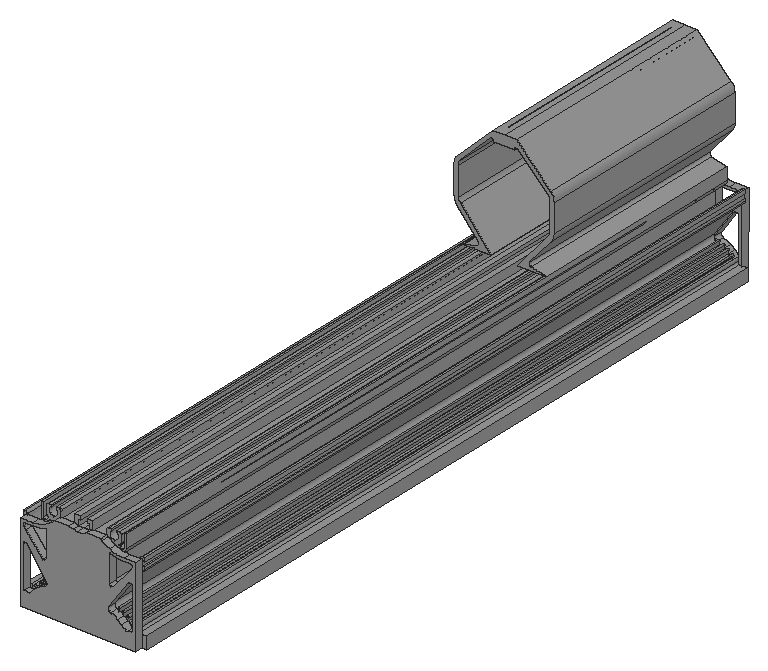
Revit family "L-street 24 Standart", category Осветительные приборы, Revit 2017 (continued)
Types (7, lengths in mm): name | built-in parameter 1150134 | Файл фотометрической сетки | built-in parameter 1150105 | Lumens | built-in parameter 1150106 | built-in parameter 1150142 | Wattage | built-in parameter 1150107 | Артикул
    95.5 180.5 162.1 139.5 116 95.4 81.2 71.4 64.5 58.7 52.6 47.6 44.1 42 40.5 39.4 38.3 37.2 35.9 34.6 33.2 31.7 30.3 28.8 27.5 26.4 25.5 24.9 24.6 24.5 24.4 24.3 24.2 23.9 23.2 22.2 20.9 19.6 18.3 17.1 15.9 14.7 13.7 12.8 11.8 10.8 9.9 8.8 7.8 6.7 5.7 4.6 3.5 2.8 2.5 2.2 2.1 1.9 1.9\r\n328.9 328.8 328 326.8 325.6 323.9 321.9 319.6 317 314.2 311.4 308.7 305.8 302.6 299 294.5 289.6 284.3 279.2 274.1 269.9 266.3 263.1 259.5 255.2 249.8 244 237.6 230.5 222.2 213.2 202.5 190.1 174.5 155.5 132.5 109.6 90.7 78 69.1 62.8 57 50.9 46.2 43.3 41.5 40.3 39.3 38.3 37.1 36 34.8 33.6 31.9 30.3 28.9 27.7 26.6 25.9 25.5 25.4 25.6 25.5 25.2 24.9 24.4 23.8 22.8 21.6 20.2 18.7 17.4 16.1 15 14.1 13.3 12.3 11.2 10.2 9 8 6.9 6 5.1 3.8 3 2.5 2.2 2.1 1.9 1.9\r\n328.9 328.9 328.2 327.1 325.7 324 322.1 319.8 317.3 314.4 311.6 308.9 305.9 302.7 299 294.5 289.5 284.1 278.8 273.5 269 265.2 261.9 258.1 253.6 248.1 242.1 235.5 228.2 219.8 210.5 199.7 186.9 170.9 151.6 128.7 106.5 88.7 77 68.5 62.4 56.6 50.7 46.1 43.2 41.6 40.4 39.5 38.4 37.3 36.1 35 33.7 32 30.4 29 27.9 27 26.4 26.2 26.3 26.2 25.7 25.3 24.9 24.5 23.9 23 21.7 20.3 18.8 17.4 16.1 15.1 14.2 13.3 12.2 11.2 10.1 8.9 7.8 6.6 5.5 4.6 3.7 3 2.6 2.2 2.1 1.9 1.9\r\n328.9 328.9 328.4 327.3 325.8 324.1 322.3 320 317.5 314.7 311.9 309.1 306.1 302.8 299 294.4 289.4 283.8 278.3 272.9 268.2 264.1 260.6 256.7 252 246.4 240.3 233.4 226 217.4 207.9 196.8 183.7 167.4 147.8 124.9 103.3 86.7 75.9 67.9 62 56.3 50.4 46 43.1 41.6 40.5 39.7 38.5 37.5 36.3 35.3 33.8 32.1 30.5 29.2 28.1 27.3 26.9 27 27.1 26.8 26 25.4 25 24.6 24 23.1 21.9 20.4 18.9 17.3 16.1 15.2 14.2 13.2 12.2 11.1 9.9 8.8 7.7 6.3 5 4.1 3.5 3 2.6 2.3 2.1 1.9 1.9\r\n328.9 328.8 328 326.9 325.4 323.7 321.8 319.4 316.9 314 311.2 308.4 305.4 302 298.2 293.5 288.4 282.7 277.2 271.7 267 263.1 259.6 255.6 250.7 244.9 238.7 231.9 224.4 215.9 206.4 195.2 181.8 165.1 144.9 121.7 100.3 84.5 74.4 66.8 61 55.1 49.4 45.3 42.7 41.4 40.3 39.4 38.3 37.2 36.1 35 33.4 31.6 30.1 28.9 27.8 27.2 27 27.1 27.1 26.6 25.8 25.2 24.9 24.6 23.9 23 21.8 20.3 18.7 17.2 15.9 14.9 14 13.1 12 11 9.7 8.5 7.3 6.1 4.7 4 3.4 2.9 2.5 2.2 2.1 2 1.9\r\n328.9 328.5 327.5 326.2 324.6 322.9 320.9 318.6 316 313 310.4 307.9 305.3 302.1 298.2 293.2 287.9 282 276.4 270.7 265.6 261.1 257.3 253.3 249.2 244.1 238.7 232.6 225.9 218.2 209.8 200.4 190.6 178.9 165.2 148.6 130 110.3 93 79.2 69.6 62.4 56.1 49.4 44.1 41.6 40.4 39.7 39 38.2 37.2 36.2 35.2 33.6 31.9 30.4 29.1 28.1 27.3 27 26.9 26.7 26.1 25.2 24.6 24.3 24 23.3 22.2 20.7 19.3 17.8 16.4 15 13.8 13 12.1 11.1 10.2 9.1 8 6.9 5.8 4.8 4.2 3.6 3.2 3 2.7 2.6 2.5\r\n328.9 328.4 327.3 326 324.3 322.5 320.5 318.1 315.4 312.5 309.9 307.4 304.6 301.3 297.2 292.3 287 281.2 275.6 270.1 265.1 260.7 256.8 252.8 248.4 243.2 237.7 231.4 224.4 216.4 207.8 198.1 187.8 175.4 161 143.6 124.8 105.8 89.4 76.7 67.7 60.5 54.2 47.9 43.5 41.4 40.3 39.7 39 38.1 37.2 36.1 35 33.4 31.7 30.3 29.1 28.1 27.4 27.1 27 26.7 26.1 25.3 24.8 24.4 23.9 23.2 22 20.5 19.1 17.7 16.3 14.9 13.9 13 12.1 11.1 10.1 9.1 8 6.9 5.8 4.9 4.3 3.7 3.3 3 2.8 2.6 2.5\r\n328.9 328.2 327.1 325.7 324 322.1 320 317.5 314.8 311.9 309.4 306.9 304 300.5 296.3 291.4 286.2 280.3 274.8 269.4 264.6 260.3 256.3 252.3 247.6 242.3 236.6 230.1 222.9 214.6 205.8 195.8 185 171.9 156.7 138.7 119.7 101.2 85.8 74.2 65.7 58.6 52.2 46.5 43 41.2 40.3 39.7 38.9 38 37.1 36 34.8 33.2 31.5 30.3 29.1 28.2 27.5 27.2 27 26.8 26.1 25.4 24.9 24.5 23.9 23 21.8 20.3 18.9 17.5 16.2 14.9 14 13 12.1 11.1 10.1 9.1 8.1 7 5.8 4.9 4.3 3.7 3.3 3 2.8 2.7 2.5\r\n328.9 328.3 327.3 325.8 324.2 322.3 320.3 317.9 315.2 312.4 309.7 307.2 304.5 301.2 297.2 292.4 287.2 281.6 276.1 270.8 266 261.5 257.7 253.7 249.3 244.2 238.6 232.2 225.2 217.1 208.5 199 188.7 176.4 162.1 145.1 126.5 107.5 90.8 77.6 68.4 61 54.5 48.3 44.1 41.7 40.5 39.7 39 38.2 37.2 36.1 35 33.6 32 30.6 29.3 28.3 27.4 26.9 26.7 26.4 26 25.4 24.9 24.6 24 23.3 22.1 20.7 19.2 17.7 16.4 15 14 13.1 12.2 11.2 10.2 9.2 8.2 7.2 6.2 5.3 4.7 3.9 3.3 2.9 2.7 2.5 2.4\r\n328.9 328.4 327.4 326 324.3 322.5 320.5 318.3 315.6 312.8 310 307.5 304.9 301.9 298 293.4 288.2 282.8 277.4 272.1 267.3 262.8 259.1 255.2 251.1 246.1 240.6 234.4 227.5 219.7 211.3 202.1 192.3 180.9 167.5 151.5 133.3 113.8 95.7 81 71.2 63.5 56.7 50.1 45.2 42.2 40.7 39.8 39.1 38.3 37.2 36.3 35.2 34 32.4 30.9 29.6 28.5 27.4 26.6 26.3 26.1 25.9 25.5 25 24.7 24.2 23.5 22.4 21 19.5 17.9 16.6 15.2 14.1 13.2 12.3 11.3 10.3 9.3 8.4 7.5 6.5 5.8 5 4.1 3.4 2.9 2.6 2.4 2.4\r\n328.9 328.5 327.5 326 324.4 322.6 320.7 318.6 316 313.3 310.5 308 305.6 302.7 299.2 294.9 290.1 285 279.8 274.6 269.8 265.3 261.5 257.8 253.8 249 243.7 237.7 231.2 223.7 215.6 206.5 196.9 185.9 173.2 157.7 140 120.3 101.3 85.2 74 65.7 58.7 51.9 46.6 43.1 41.1 39.9 39.1 38.3 37.2 36.2 35.1 33.9 32.4 31 29.5 28.3 27.2 26.3 25.7 25.4 25.1 24.8 24.6 24.4 24 23.2 22.1 20.8 19.3 17.9 16.5 15.2 13.9 12.9 11.9 11 10.1 9.3 8.6 7.8 6.7 5.8 5 4.1 3.3 2.9 2.6 2.5 2.4\r\n328.9 328.5 327.5 326.1 324.4 322.8 320.9 318.8 316.4 313.8 311 308.5 306.2 303.6 300.5 296.5 292.1 287.1 282.2 277.1 272.3 267.8 264 260.3 256.5 251.9 246.8 241.1 234.9 227.7 219.8 210.9 201.5 191 178.9 164 146.7 126.9 106.9 89.3 76.8 67.9 60.6 53.7 48 43.9 41.5 40 39.1 38.3 37.3 36.1 34.9 33.8 32.4 31.1 29.5 28.1 26.9 26 25 24.6 24.4 24.2 24.2 24.1 23.8 22.9 21.8 20.5 19.2 17.9 16.5 15.3 13.7 12.6 11.5 10.6 9.8 9.3 8.9 8.1 6.8 5.9 4.9 4.1 3.3 2.9 2.7 2.5 2.5\r\n328.9 328.4 327.3 326 324.3 322.6 320.8 318.7 316.4 313.8 311.2 308.8 306.7 304.2 301.3 297.6 293.4 288.7 283.9 279 274.4 270.1 266.3 262.8 259.2 254.8 249.9 244.4 238.4 231.5 223.8 215.2 206.2 196 184.4 170.1 153.6 134.3 114.3 95.5 81.4 71.2 63.5 56.4 50.4 45.7 42.6 40.7 39.6 38.6 37.6 36.3 35.1 33.8 32.4 31.1 29.6 28.3 27.1 26 25 24.3 23.8 23.4 23.2 22.9 22.6 22 21.2 20 18.8 17.4 16.1 15.1 14 13.1 12.3 11.5 10.5 9.7 8.9 8.1 6.9 5.8 4.6 3.9 3.2 2.9 2.8 2.6 2.5\r\n328.9 328.3 327.1 325.8 324.1 322.5 320.7 318.6 316.4 313.8 311.4 309.2 307.1 304.9 302.1 298.7 294.7 290.2 285.7 281 276.6 272.4 268.7 265.3 261.9 257.7 253.1 247.7 242 235.3 227.9 219.6 210.8 201 189.9 176.3 160.5 141.7 121.6 101.8 85.9 74.6 66.3 59.1 52.7 47.5 43.8 41.4 40 38.9 37.9 36.5 35.2 33.8 32.4 31 29.7 28.6 27.2 26.1 24.9 24 23.3 22.6 22.1 21.8 21.4 21.2 20.5 19.5 18.3 16.9 15.7 14.9 14.2 13.6 13.1 12.3 11.2 10 8.9 8.1 7 5.7 4.3 3.7 3.2 3 2.9 2.6 2.6\r\n328.9 328.3 327.2 325.9 324.3 322.7 320.9 319 316.9 314.4 312.1 310 308.1 306.1 303.7 300.8 297.1 292.9 288.6 284.1 279.9 275.8 272.2 268.8 265.6 261.8 257.7 252.8 247.5 241.3 234.6 226.9 218.6 209.2 199 186.4 171.7 154 134.3 113.6 95.5 81.3 71.5 63.4 56.6 50.7 46.2 43.1 41.1 39.6 38.4 36.9 35.4 33.9 32.5 31.1 29.7 28.5 27.4 26.2 25.1 24 23.2 22.3 21.7 21.2 20.8 20.3 19.7 18.9 17.9 16.7 15.8 15.2 14.7 14.4 13.9 13.3 12.3 11.3 10.2 8.7 6.7 5.4 4.3 3.7 3.2 3 2.9 2.7 2.7\r\n328.9 328.4 327.3 326 324.4 322.9 321.1 319.4 317.4 315 312.8 310.8 309.1 307.4 305.4 302.8 299.5 295.5 291.5 287.2 283.3 279.3 275.7 272.3 269.3 266 262.3 257.9 253 247.4 241.2 234.1 226.3 217.5 208 196.5 182.9 166.3 147.1 125.4 105 88.1 76.6 67.8 60.4 53.9 48.7 44.8 42.1 40.3 38.9 37.2 35.6 34.1 32.7 31.2 29.7 28.5 27.5 26.4 25.3 24.1 23.1 22 21.2 20.6 20.1 19.5 18.9 18.2 17.4 16.6 15.9 15.5 15.3 15.1 14.8 14.2 13.5 12.6 11.4 9.4 6.5 5.1 4.3 3.7 3.2 3.1 3 2.8 2.8\r\n328.9 328.3 327.3 326.1 324.5 323.1 321.5 319.9 318 315.9 313.8 311.8 310.2 308.7 307.1 304.9 302 298.5 294.9 291.1 287.4 283.8 280.3 277.1 274.1 271 267.8 263.9 259.6 254.7 249.2 243.1 236.3 228.6 220.2 209.9 197.9 183.1 166 145.9 125.1 104.9 88.8 76.6 67.5 59.9 53.7 48.7 45.1 42.3 40.2 38.2 36.2 34.5 33 31.5 30.1 28.7 27.5 26.3 25.2 24.1 23 21.9 21.1 20.5 20 19.5 18.9 18.2 17.3 16.6 16 15.7 15.4 15.1 14.9 14.4 13.5 12.1 10 8 6.1 4.8 4.1 3.6 3.2 3.1 2.9 2.8 2.7\r\n328.9 328.2 327.4 326.1 324.6 323.3 321.8 320.3 318.6 316.8 314.8 312.8 311.3 310.1 308.8 306.9 304.5 301.5 298.2 294.9 291.5 288.2 285 281.8 278.9 276.1 273.3 270 266.3 261.9 257.2 252 246.3 239.7 232.4 223.4 212.9 199.9 184.8 166.5 145.2 121.8 101 85.3 74.6 66 58.7 52.7 48 44.3 41.6 39.1 36.8 34.9 33.4 31.8 30.4 28.9 27.5 26.3 25.1 24.1 22.8 21.8 20.9 20.4 19.9 19.4 18.9 18.1 17.3 16.7 16.2 15.8 15.4 15.2 15 14.6 13.6 11.7 8.6 6.6 5.6 4.6 3.8 3.4 3.2 3 2.9 2.7 2.6\r\n328.9 328.3 327.4 326.2 324.8 323.4 322 320.6 319 317.4 315.6 313.9 312.5 311.5 310.4 308.9 306.9 304.4 301.6 298.6 295.6 292.6 289.8 286.9 284.2 281.5 279 276.2 273.3 269.9 266.1 262 257.3 251.7 245.1 237 227.8 216.7 204.1 188.6 170.2 148.3 126.2 105.7 89.6 77.4 68.1 60.4 54.4 49.5 45.8 42.4 39.3 36.7 34.7 32.8 31.2 29.8 28.4 27 25.7 24.5 23.2 22.1 21.1 20.5 19.9 19.4 18.9 18.2 17.5 16.7 16 15.5 15 14.6 14.2 13.4 11.8 9.7 7.6 6.3 5.3 4.5 3.8 3.6 3.4 3.2 3 3 2.8\r\n328.9 328.3 327.4 326.2 324.9 323.6 322.2 320.9 319.5 318 316.4 315 313.8 312.9 312.1 310.8 309.3 307.3 304.9 302.3 299.6 297 294.5 292 289.5 287 284.7 282.4 280.3 277.8 275.1 271.9 268.3 263.8 257.9 250.7 242.6 233.5 223.3 210.6 195.1 174.9 151.4 126.1 104.5 88.7 77.6 68.2 60.9 54.7 49.9 45.6 41.7 38.6 36 33.8 32 30.6 29.3 27.7 26.2 24.8 23.6 22.4 21.3 20.5 19.8 19.4 18.9 18.4 17.7 16.7 15.8 15.2 14.6 14 13.3 12.2 9.9 7.6 6.6 5.9 5 4.3 3.8 3.7 3.5 3.3 3.2 3.2 3\r\n328.9 328.3 327.4 326.3 325 323.7 322.5 321.2 320 318.6 317.3 316.1 315 314.2 313.4 312.5 311.4 309.9 307.9 305.7 303.4 301 298.8 296.6 294.4 292.1 289.9 288.1 286.4 284.6 282.4 279.7 276.6 272.6 267.4 261 253.8 245.6 236.3 224.9 211.2 193.4 172.2 147.7 123.9 103.1 87.6 76 67.4 60.2 54.5 49.3 44.7 41 37.8 35.2 33 31.4 30 28.5 27.2 25.8 24.4 23.1 21.8 20.9 20.1 19.4 18.7 18.1 17.5 16.5 15.5 14.7 13.9 13.1 11.9 10.4 8.7 7.1 6.1 5.4 4.6 4.1 3.7 3.6 3.4 3.2 3.2 3.1 3\r\n328.9 328.3 327.3 326.3 325 323.9 322.8 321.6 320.6 319.3 318.3 317.2 316.3 315.4 314.8 314.2 313.5 312.4 310.9 309.1 307.1 305 303.1 301.2 299.3 297.1 295.2 293.7 292.5 291.3 289.7 287.5 284.9 281.3 276.8 271.4 265 257.6 249.3 239.1 227.3 211.9 193 169.4 143.3 117.6 97.7 83.8 73.9 65.8 59 53 47.7 43.4 39.6 36.7 34.1 32.2 30.6 29.4 28.2 26.8 25.2 23.7 22.3 21.3 20.3 19.4 18.5 17.8 17.3 16.4 15.2 14.2 13.3 12.2 10.5 8.6 7.4 6.5 5.7 4.9 4.2 3.8 3.5 3.4 3.3 3.1 3.1 3 2.9\r\n328.9 328.3 327.4 326.4 325.2 324.1 323.1 322.1 321.2 320.1 319.3 318.4 317.7 317 316.6 316.2 315.9 315.2 314.4 313 311.5 309.9 308.3 306.8 305.2 303.5 302.1 300.8 299.7 298.6 297.2 295.3 292.9 289.7 285.7 281.1 276 270 263.3 255 245.6 233.5 218.8 200 177.9 153.4 130.2 109.4 92.8 80.1 70.9 63 56.2 50.5 45.6 41.7 38.3 35.6 33.4 31.6 29.9 28.4 26.9 25.3 23.8 22.3 21 19.8 18.6 17.6 16.7 15.6 14.5 13.5 12.3 10.9 9.4 8.1 7 6.3 5.4 4.7 4.1 3.8 3.5 3.4 3.3 3.2 3.1 3 2.8\r\n328.9 328.3 327.4 326.4 325.4 324.3 323.4 322.5 321.8 320.9 320.3 319.7 319.1 318.5 318.3 318.2 318.2 318.1 317.8 317 315.9 314.8 313.6 312.3 311.2 309.9 308.9 307.9 306.9 305.9 304.7 303.1 301 298.1 294.6 290.8 286.9 282.5 277.3 270.8 263.9 255.2 244.7 230.6 212.5 189.1 162.7 134.9 111.7 94.5 82.7 73 64.7 57.6 51.6 46.8 42.5 39.1 36.2 33.7 31.7 30.1 28.6 26.9 25.2 23.3 21.7 20.2 18.8 17.3 16.1 14.8 13.8 12.7 11.4 9.7 8.2 7.5 6.7 6 5.1 4.5 4 3.7 3.5 3.4 3.3 3.2 3 2.9 2.7\r\n328.9 328.3 327.5 326.5 325.6 324.6 323.8 323 322.4 321.8 321.3 320.8 320.5 320.2 320.1 320.1 320.3 320.4 320.5 320.3 319.8 319.2 318.4 317.6 316.8 316 315.3 314.6 313.6 312.5 311.3 309.7 308.1 306.1 303.8 301.2 298.2 294.8 290.9 286.1 280.7 273.9 265.8 255.1 241.4 223 201.1 175.6 150.5 127.1 107.9 92.1 79.9 70.7 62.9 56.5 51 46.3 42.3 38.9 35.9 33.5 31.4 29.3 27.4 25.4 23.4 21.5 19.6 17.9 16.4 14.9 13.5 12.2 10.7 9.2 8 7.3 6.5 5.8 5 4.4 4 3.7 3.5 3.4 3.2 3.1 3.1 2.9 2.7\r\n328.9 328.3 327.5 326.5 325.7 324.8 324.2 323.4 323 322.6 322.2 322 322 321.8 321.8 322 322.3 322.8 323.3 323.7 323.7 323.6 323.3 322.8 322.4 322 321.7 321.3 320.4 319.2 317.8 316.4 315.1 314.1 313 311.5 309.4 307.1 304.5 301.5 297.5 292.5 286.9 279.6 270.3 256.9 239.5 216.4 189.4 159.8 133 111.1 95.1 83.7 74.1 66.2 59.4 53.5 48.3 44 40.1 36.9 34.1 31.7 29.6 27.5 25.2 22.8 20.5 18.5 16.7 15 13.2 11.6 10 8.6 7.8 7.1 6.3 5.6 4.9 4.3 4 3.7 3.5 3.4 3.2 3.1 3.1 2.9 2.8\r\n328.9 328.3 327.5 326.7 325.9 325.2 324.5 323.9 323.6 323.4 323.2 323.2 323.3 323.4 323.6 323.9 324.4 325 325.8 326.6 327.2 327.7 328.1 328.2 328.3 328.2 328.2 328 327.5 326.6 325.7 324.7 323.8 322.9 322.2 321.6 320.8 319.8 318.3 316.3 313.8 310.2 306.1 300.8 294 284.6 272.4 256 236.1 212.2 187.5 162.7 139.2 118.7 101.4 88.7 78.9 70.9 63.7 57.4 51.7 46.9 42.7 39.2 36.1 33.2 30.4 27.8 25.1 22.3 19.4 16.8 14.5 12.4 10.5 8.9 7.9 7.1 6.3 5.6 4.9 4.5 4.1 3.9 3.6 3.5 3.3 3.1 3.1 3 2.8\r\n328.9 328.3 327.6 326.8 326.1 325.5 324.8 324.4 324.2 324.1 324.1 324.3 324.6 325 325.3 325.8 326.4 327.3 328.4 329.6 330.7 331.8 332.9 333.7 334.2 334.4 334.6 334.6 334.5 334.1 333.6 333 332.4 331.8 331.3 331.6 332.2 332.4 332.1 331.2 330 327.9 325.3 322 317.7 312.2 305.2 295.6 282.7 264.7 242.1 214.3 183.2 153.7 128.6 111.1 98.4 88.2 79 70.7 63.4 57 51.4 46.8 42.7 38.9 35.6 32.7 29.8 26.2 22.1 18.6 15.7 13.2 11.1 9.2 7.9 7.2 6.3 5.5 5 4.6 4.2 4 3.8 3.6 3.4 3.2 3.1 3 2.8\r\n328.9 328.3 327.6 326.9 326.3 325.7 325.2 324.9 324.8 324.9 325 325.4 326 326.6 327.2 327.9 328.7 329.8 331 332.6 334.1 335.5 337 338.3 339.4 340.2 341 341.5 341.9 341.9 341.8 341.8 341.8 341.7 341.7 342.2 343 343.7 344.4 345.1 345.4 345 343.8 342.1 339.5 336.2 332 326 317.8 306.3 291.8 272.9 250.1 225.3 199.7 176 153.2 132.7 115.4 102.1 91 81.4 73 66.1 60 54.7 49.9 45.4 40.9 37.4 33.4 27.5 20.8 15.8 12.1 9.5 8.1 7.3 6.3 5.6 5.1 4.7 4.4 4.1 3.9 3.7 3.5 3.3 3.1 3 2.7\r\n328.9 328.2 327.6 327 326.5 326 325.6 325.4 325.5 325.6 325.9 326.5 327.4 328.1 329.1 330 331 332.3 333.7 335.5 337.4 339.2 341.1 342.9 344.6 346.1 347.5 348.4 349.2 349.6 349.9 350.6 351.2 351.6 352.1 352.8 353.7 354.9 356.8 359 360.9 362.1 362.4 362.1 361.3 360.3 358.8 356.4 352.9 348 341.5 331.6 316.9 296.9 270.9 241 207.9 177.1 151.8 133.4 118.6 105.9 94.6 85.5 77.4 70.4 64.2 58.1 52 48.5 44.8 36.4 26 18.3 13.2 9.7 8.3 7.3 6.4 5.7 5.3 4.9 4.6 4.3 4.1 3.8 3.5 3.3 3.2 3 2.7\r\n328.9 328.3 327.7 327.2 326.8 326.4 326.2 326.3 326.5 326.9 327.5 328.4 329.4 330.3 331.5 332.7 334.1 335.7 337.3 339.3 341.4 343.4 345.5 347.5 349.5 351.4 353.2 354.6 355.8 356.9 357.9 359.1 360.2 361.2 362.3 363.5 364.9 366.5 368.5 370.5 372.5 374.4 376.3 378.1 379.5 380.6 381.1 380.8 379.8 377.7 374.3 368.4 359.1 345.9 327.7 304.5 276.1 244.7 213.5 184.8 160.1 139.8 123.9 110.7 99.4 89.4 80.7 71.9 63.8 57.1 47.7 34.1 23.6 16.2 11.8 9.4 8.2 7.2 6.4 5.9 5.4 5.1 4.8 4.4 4.1 3.9 3.6 3.4 3.3 2.9 2.6\r\n328.9 328.4 327.8 327.4 327 326.9 326.9 327.2 327.6 328.2 329.1 330.2 331.3 332.5 334 335.4 337.2 339 341 343.1 345.3 347.6 349.9 352 354.4 356.8 359 360.8 362.5 364.2 365.9 367.5 369.2 370.8 372.5 374.2 376.1 378 380.1 382 384 386.7 390.2 394.1 397.7 400.9 403.4 405.2 406.6 407.4 407 405.2 401.4 394.8 384.5 368.1 344.3 312.2 275.1 236.1 201.6 173.7 153.2 135.9 121.4 108.5 97.3 85.7 75.7 65.8 50.7 31.8 21.2 14.2 10.5 9.1 8.1 7.1 6.5 6 5.6 5.2 4.9 4.5 4.2 4 3.7 3.5 3.3 2.8 2.6\r\n328.9 328.4 328 327.6 327.4 327.3 327.5 327.8 328.4 329.1 330.1 331.2 332.5 333.9 335.4 337.2 339.2 341.2 343.4 345.6 347.9 350.2 352.5 354.9 357.5 360.1 362.7 365 367.3 369.6 372.1 374.5 376.9 379.4 381.9 384.5 387.2 389.9 392.3 394.5 396.5 399.1 402.4 406.4 411 415.7 420.8 426.1 431.7 436.7 440.9 444 445.9 446.2 443.7 437 425.2 407 383.2 354.1 322 286.4 250 212.6 180.4 154.2 132.7 112.6 94.8 76.3 53.5 33.6 22.7 15 11.3 9.9 8.7 7.7 7.1 6.6 6.1 5.7 5.4 4.9 4.6 4.3 4.1 3.9 3.6 3 2.6\r\n328.9 328.5 328.1 327.8 327.8 327.7 328 328.4 329.1 330 331.1 332.3 333.7 335.2 336.9 338.9 341.2 343.5 345.8 348.1 350.4 352.8 355.2 357.7 360.5 363.5 366.3 369.1 372 375.1 378.2 381.4 384.6 387.9 391.4 394.8 398.4 401.7 404.6 406.9 409 411.5 414.6 418.7 424.3 430.5 438.2 447.1 456.7 466 474.8 482.9 490.5 497.5 502.8 506 506 501.8 491.4 472.1 442.3 399.1 346.7 289.2 239.4 199.9 168.1 139.5 114 86.9 56.3 35.4 24.2 15.9 12.1 10.6 9.4 8.3 7.7 7.1 6.6 6.2 5.8 5.3 4.9 4.6 4.4 4.2 3.8 3.1 2.7\r\n328.9 328.5 328.2 328 328 328.1 328.4 329 329.8 330.8 331.9 333.2 334.6 336.2 338.1 340.3 342.7 345.1 347.5 349.9 352.3 354.8 357.2 359.8 362.8 365.8 368.8 371.8 375.1 378.5 382.1 38
